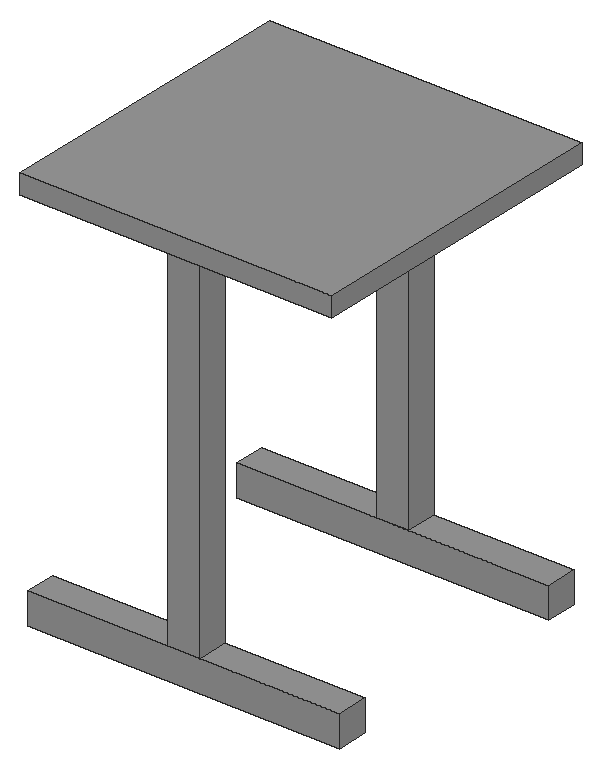
Revit family "Табурет школьный", category Мебель, Revit 2019
Family settings
  Номер OmniClass = 23.40.20.00
  Заголовок OmniClass = General Furniture and Specialties
  На основе рабочей плоскости = Нет
  Всегда вертикально = Да
  При загрузке вырезать с полостями = Нет
  Общий = Нет
  Точка расчета площади = Нет
Parameters (values of type "Табурет")
  Сиденье = Деревянная обшивка, ДСП
  Description = ""
  Ножки = Сталь, окрашенная, темно-серая, матовая
  Type Comments = ""
  Keynote = ""
  Manufacturer = ""
  Группа модели = "Оборудование основных помещений школы"
  ADSK_Размер_Ширина = 320 mm
  ADSK_Размер_Длина = 320 mm
  ADSK_Размер_Высота = 420 mm
  ADSK_Обозначение = ""
  ADSK_Масса = 3.2  # constant formula
  ADSK_Код изделия = ""
  ADSK_Единица измерения = "шт"  # constant formula
Reference planes
  plane 1 "По центру (Вперед/Назад)": y = 0
  plane 2: z = 0
  plane 3 "По центру (Влево/Вправо)": x = 0
  plane 4: z = 420
  plane 5: y = 160
  plane 6: y = -160
  plane 7: x = -160
  plane 8: x = 160
Forms (mm)
  Extrusion 1, solid, material "Деревянная обшивка, ДСП" <- "Сиденье"
    sketch origin (0, -518.993, 464.488) x (-1, 0, 0) y (0, -1, 0)
      loop
        line (160, -678.993) -> (160, -358.993) -> (-160, -358.993) -> (-160, -678.993) -> (160, -678.993)
    from -64.488 to -44.488
  Sweep 2, solid, material "Сталь, окрашенная, темно-серая, матовая" <- "Ножки"
    path origin (0, 0, 0) x (1, 0, 0) y (0, 0, 1)
      loop
        line (0, 400) -> (0, 32)
    profile origin (0, 0, 216) x (0, -1, 0) y (1, 0, 0)
      loop
        line (-150, -16) -> (-118, -16) -> (-118, 16) -> (-150, 16) -> (-150, -16)
  Sweep 3, solid, material "Сталь, окрашенная, темно-серая, матовая" <- "Ножки"
    path origin (0, 0, 0) x (1, 0, 0) y (0, 0, 1)
      loop
        line (160, 0) -> (-160, 0)
    profile origin (0, 0, 0) x (0, 0, -1) y (0, -1, 0)
      loop
        line (0, -150) -> (0, -118) -> (-32, -118) -> (-32, -150) -> (0, -150)
  Sweep 4, solid, material "Сталь, окрашенная, темно-серая, матовая" <- "Ножки"
    path origin (0, -278, 0) x (1, 0, 0) y (0, 0, 1)
      loop
        line (0, 400) -> (0, 32)
    profile origin (0, -278, 216) x (0, -1, 0) y (1, 0, 0)
      loop
        line (-160, -16) -> (-128, -16) -> (-128, 16) -> (-160, 16) -> (-160, -16)
  Sweep 5, solid, material "Сталь, окрашенная, темно-серая, матовая" <- "Ножки"
    path origin (0, -278, 0) x (1, 0, 0) y (0, 0, 1)
      loop
        line (160, 0) -> (-160, 0)
    profile origin (0, -278, 0) x (0, 0, -1) y (0, -1, 0)
      loop
        line (0, -160) -> (0, -128) -> (-32, -128) -> (-32, -160) -> (0, -160)
Dimensions and locks
  plane 2 to plane 4 = 420 mm
  "ADSK_Размер_Ширина": plane 5 to plane 6
  "ADSK_Размер_Длина": plane 7 to plane 8
  "ADSK_Размер_Высота": level to plane 4
  locked: Extrusion 1 to plane 4 at 20
  equal spacing: plane 7, plane 3 "По центру (Влево/Вправо)", plane 8
  equal spacing: plane 5, plane 1 "По центру (Вперед/Назад)", plane 6
  locked: Sweep 3 sketch curve to Sweep 3 sketch curve at 32  (x2)
  locked: Sweep 2 sketch curve to Sweep 2 sketch curve at 32  (x2)
  locked: Sweep 5 sketch curve to Sweep 5 sketch curve at 32  (x2)
  locked: Sweep 4 sketch curve to Sweep 4 sketch curve at 32  (x2)
  locked: Sweep 5 to plane 6 at 10
  locked: plane 5 to Sweep 3 at 10
  aligned and locked: level to plane 2
  aligned and locked: Extrusion 1 to plane 4
  aligned and locked: plane 8 to Extrusion 1
  aligned and locked: Extrusion 1 to plane 7
  aligned and locked: plane 5 to Extrusion 1
  aligned and locked: Extrusion 1 to plane 6
  aligned and locked: plane 3 "По центру (Влево/Вправо)" to Sweep 2 sketch curve
  aligned and locked: Sweep 3 sketch curve to plane 2  (x2)
  aligned and locked: plane 7 to Sweep 3 sketch curve
  aligned and locked: plane 8 to Sweep 3 sketch curve
  aligned and locked: Sweep 2 sketch curve to Sweep 3
  aligned and locked: Sweep 4 sketch curve to Sweep 5
  aligned and locked: Sweep 5 to plane 2
  aligned and locked: Sweep 5 to Sweep 4
  aligned and locked: Sweep 3 to Sweep 2
Automatic sketch dimensions
  Extrusion 1 sketch curve to plane 5 = 0 mm
  Extrusion 1 sketch curve to plane 8 = 0 mm
  Extrusion 1 sketch curve to plane 6 = 0 mm
  Extrusion 1 sketch curve to plane 7 = 0 mm
  plane 4 to Sweep 2 sketch curve = 20 mm
  Sweep 2 sketch curve to profile plane = 16 mm
  Sweep 2 sketch curve to plane 1 "По центру (Вперед/Назад)" = 150 mm
  Sweep 3 sketch curve to plane 1 "По центру (Вперед/Назад)" = 150 mm
  Sweep 4 sketch curve to plane 3 "По центру (Влево/Вправо)" = 0 mm
  plane 4 to Sweep 4 sketch curve = 20 mm
  Sweep 4 sketch curve to profile plane = 16 mm
  Sweep 4 sketch curve to profile plane = 160 mm
  level to Sweep 5 sketch curve = 0 mm
  Sweep 5 sketch curve to plane 7 = 0 mm
  Sweep 5 sketch curve to plane 8 = 0 mm
  Sweep 5 sketch curve to profile plane = 0 mm
  Sweep 5 sketch curve to profile plane = 160 mm
